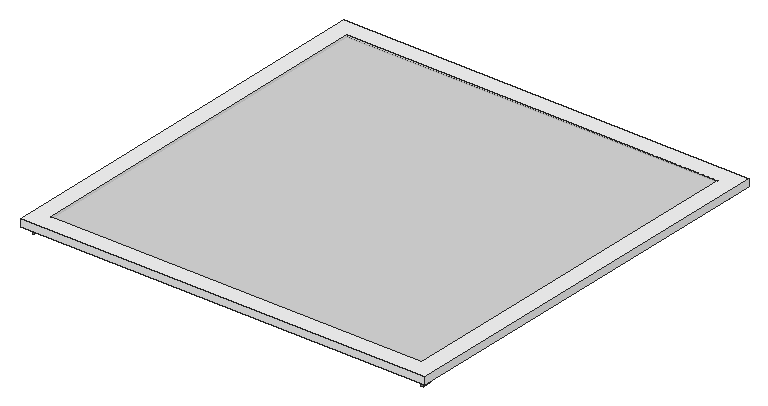
Revit family "0047637 Feilo Sylvania Lighting Fixtures START FLAT UGR19 600 4000K DALI G2", category Lighting Fixtures, host Face, Revit 2017
Family settings
  Host = Face
  Round Connector Dimension = Use Diameter
  Part Type = Normal
  OmniClass Number = 23.80.70.11.17
  OmniClass Title = Specialized Lighting by Location or Use
  Cut with Voids When Loaded = No
  Light Source = Yes
  Shared = No
  Room Calculation Point = No
Parameters (values of type "0047637 START FLAT UGR19 600 4000K DALI G2")
  Weight = "12.25 kg"
  Wattage = 33 W
  WarrantyStartDate [instance] = "n/a"
  WarrantyGuarantorParts = "n/a"
  WarrantyDurationUnit = "n/a"
  WarrantyDurationParts = "n/a"
  WarrantyDescription = "n/a"
  built-in parameter 1150110 = 1 (stored number, unit not read)
  Voltage = 230 V
  URL = "http://www.sylvania-lighting.com"
  TypeName = "START FLAT UGR19 600 4000K DALI G2"
  built-in parameter 1114217 = 1 (stored number, unit not read)
  Tilt Angle = -90.00°
  built-in parameter 1150109 = 1 (stored number, unit not read)
  built-in parameter 1150134 = 12
  built-in parameter 1150113 = 1 (stored number, unit not read)
  SerialNumber [instance] = "n/a"
  PowerFactor = 0.98
  PowerConsumption = "33 W"
  Photometric Web File = "0047637.ies"
  NominalLength = 595.0 mm
  NominalHeight = 10.5 mm
  NominalDepth = 595.0 mm
  Name = "START FLAT UGR19 600 4000K DALI G2"
  ModelReference = "START FLAT UGR19 600 4000K DALI G2"
  ModelNumber = "0047637"
  Material = "aluminium housing, pmma diffuser"
  ManufacturerName = "Feilo Sylvania"
  LuminousEfficacy = "100 lm/W"
  LuminaireType = ""
  LightOutputRatio = "n/a"
  LampsType = Lamp  # "Integrated LED"
  LampNominalLuminous = "3300 lm"
  LampMacAdamStep = "3"
  LampColourTemperature = "4000 K"
  LampColourRenderingIndex = "80"
  Keynote = "16500"
  InstallationDate [instance] = "n/a"
  InputVoltage = "220-240V~"
  InputNominalFrequency = "50/60 Hz"
  IngressProtection = "IP20"
  ImpactProtectionIndex = "IK03"
  IfcExportType = "IfcLightFixtureType"
  IfcExportAs = "IfcLightFixtureType"
  ExpectedLife = 50000
  ElectricShockClassification = "Class II"
  DurationUnit = "hours"
  DocumentationLiterature = "http://www.sylvania-lighting.com/product/en-int/products/0047637"
  DimmingControlOptions = "Dimmable"
  Diffuser Material = Polycarbonate_Sylvania_Startflat Panel LED_Opal
  Cutout Width = 574.0 mm
  Cutout Length = 574.0 mm
  CreatedOn = "11/30/2017"
  CreatedBy = ""
  built-in parameter 1114216 [instance] = 1 (stored number, unit not read)
  Model = "START FLAT UGR19 600 4000K DALI G2"
  Manufacturer = "Feilo-Sylvania Group"
  built-in parameter 1150105 = 1825.2 (stored number, unit not read)
  Lumens = 3300 lm
  built-in parameter 1150115 = 1 (stored number, unit not read)
  built-in parameter 1150137 = (empty or 0)
  built-in parameter 1150139 = (empty or 0)
  built-in parameter 1150112 = 1 (stored number, unit not read)
  built-in parameter 1150114 = 1 (stored number, unit not read)
  Lamp = "Integrated LED"  # constant formula
  built-in parameter 1150132 = 2
  built-in parameter 1150102 = (empty or 0)
  built-in parameter 1150107 = 4000 (stored number, unit not read)
  built-in parameter 1150138 = (empty or 0)
  built-in parameter 1150106 = 18.252 (stored number, unit not read)
  Body Material = Metal_Sylvania_Startflat Panel LED_White
  Emit from Rectangle Width = 545.0 mm
  Emit from Rectangle Length = 545.0 mm
  Emit Shape Visible in Rendering = no
  built-in parameter 1150104 = 9.2903 (stored number, unit not read)
  Dimming Lamp Color Temperature Shift = <None>
  Description = "Ultra thin LED Panel, excellent uniformity of light, perfect for ceilings with low voids, high efficacy.Ulta thin edgelit LED 600x600mm Panel with, excellent uniform light distribution. Acrylic PMMA diffuser optimising light output whilst reducing glare. 4239lm 93lm/W."  # constant formula
  Default Elevation = 0.0 mm
  Color Filter = 16777215
  built-in parameter 1140040 [instance] = 1
  BarCode [instance] = "n/a"
  built-in parameter 1114218 = 1 (stored number, unit not read)
  built-in parameter 1150133 = 10 (stored number, unit not read)
  AssetType = "Fixed"
  AssetIdentifier [instance] = "n/a"
  Assembly Code = "D5020200"
  Apparent Load = 33 VA
  Mounting Material = Metal_Sylvania_Startflat Panel LED_Silver
Reference planes
  plane 1 "Center (Front/Back)": y = 0
  plane 2 "Fixture Top": z = 0
  plane 3 "Center (Left/Right)": x = 0
  plane 4: x = 295.5
  plane 5: x = -295.5
  plane 6 "Fixture Back": y = 297.5
  plane 7 "Fixture Front": y = -297.5
  plane 8 "Fixture Left": x = -297.5
  plane 9 "Fixture Right": x = 297.5
  plane 10: y = 295.5
  plane 11: y = -295.5
  plane 12: x = 272.5
  plane 13: x = -272.5
  plane 14: y = 272.5
  plane 15: y = -272.5
  plane 16: x = -287
  plane 17: x = 287
  plane 18: y = 287
  plane 19: y = -287
  plane 20 "Fixture Bottom": z = 10.5
  plane 21: z = 8.5
  plane 22: z = 6.5
  plane 23: z = -10
  plane 24: z = 2
Forms (mm)
  Extrusion 1, void
    sketch origin (0, 0, 60) x (-1, 0, 0) y (0, -1, 0)
      loop
        line (287, -287) -> (287, 287) -> (-287, 287) -> (-287, -287) -> (287, -287)
    from -70 to -60
  Extrusion 2, solid, material "Metal_Sylvania_Startflat Panel LED_White" <- "Body Material", detail levels fine
    sketch origin (0, 0, 60) x (-1, 0, 0) y (0, -1, 0)
      loop
        line (297.5, -297.5) -> (297.5, 297.5) -> (-297.5, 297.5) -> (-297.5, -297.5) -> (297.5, -297.5)
      loop
        line (272.5, -272.5) -> (272.5, 272.5) -> (-272.5, 272.5) -> (-272.5, -272.5) -> (272.5, -272.5)
    from -51.5 to -49.5
  Extrusion 3, solid, material "Metal_Sylvania_Startflat Panel LED_White" <- "Body Material", detail levels fine
    sketch origin (0, 0, 60) x (-1, 0, 0) y (0, -1, 0)
      loop
        line (297.5, -297.5) -> (297.5, 297.5) -> (-297.5, 297.5) -> (-297.5, -297.5) -> (297.5, -297.5)
      loop
        line (295.5, -295.5) -> (295.5, 295.5) -> (-295.5, 295.5) -> (-295.5, -295.5) -> (295.5, -295.5)
    from -60 to -51.5
  Extrusion 4, solid, material "Polycarbonate_Sylvania_Startflat Panel LED_Opal" <- "Diffuser Material", detail levels fine
    sketch origin (0, 0, 60) x (-1, 0, 0) y (0, -1, 0)
      loop
        line (295.5, -295.5) -> (295.5, 295.5) -> (-295.5, 295.5) -> (-295.5, -295.5) -> (295.5, -295.5)
    from -53.5 to -51.5
  Extrusion 5, solid, material "Metal_Sylvania_Startflat Panel LED_Silver" <- "Mounting Material", detail levels fine
    sketch origin (0, 0, 60) x (-1, 0, 0) y (0, -1, 0)
      loop
        line (287, -287) -> (287, -272.5) -> (284, -272.5) -> (284, -287) -> (287, -287)
      loop
        line (-284, -287) -> (-284, -272.5) -> (-287, -272.5) -> (-287, -287) -> (-284, -287)
      loop
        line (-284, 272.5) -> (-284, 287) -> (-287, 287) -> (-287, 272.5) -> (-284, 272.5)
      loop
        line (284, 272.5) -> (287, 272.5) -> (287, 287) -> (284, 287) -> (284, 272.5)
    from -70 to -60
  Extrusion 6, solid, material "Metal_Sylvania_Startflat Panel LED_White" <- "Body Material", detail levels fine
    sketch origin (0, 0, 60) x (-1, 0, 0) y (0, -1, 0)
      loop
        line (297.5, -297.5) -> (297.5, 297.5) -> (-297.5, 297.5) -> (-297.5, -297.5) -> (297.5, -297.5)
    from -60 to -58
  Extrusion 7, solid, material "Metal_Sylvania_Startflat Panel LED_White" <- "Body Material", detail levels coarse+medium
    sketch origin (0, 0, 60) x (-1, 0, 0) y (0, -1, 0)
      loop
        line (297.5, -297.5) -> (297.5, 297.5) -> (-297.5, 297.5) -> (-297.5, -297.5) -> (297.5, -297.5)
    from -60 to -49.5
Cuts and joins
  joined: Extrusion 2, Extrusion 3, Extrusion 6
Dimensions and locks
  equal spacing: plane 6 "Fixture Back", plane 1 "Center (Front/Back)", plane 7 "Fixture Front"
  locked: plane 6 "Fixture Back" to plane 7 "Fixture Front" at 595
  equal spacing: plane 8 "Fixture Left", plane 3 "Center (Left/Right)", plane 9 "Fixture Right"
  locked: plane 8 "Fixture Left" to plane 9 "Fixture Right" at 595
  locked: plane 8 "Fixture Left" to plane 5 at 2
  locked: plane 4 to plane 9 "Fixture Right" at 2
  locked: plane 6 "Fixture Back" to plane 10 at 2
  locked: plane 11 to plane 7 "Fixture Front" at 2
  locked: plane 12 to plane 9 "Fixture Right" at 25
  locked: plane 8 "Fixture Left" to plane 13 at 25
  locked: plane 6 "Fixture Back" to plane 14 at 25
  locked: plane 15 to plane 7 "Fixture Front" at 25
  equal spacing: plane 16, plane 3 "Center (Left/Right)", plane 17
  "Cutout Length": plane 16 to plane 17
  equal spacing: plane 18, plane 1 "Center (Front/Back)", plane 19
  "Cutout Width": plane 18 to plane 19
  locked: plane 20 "Fixture Bottom" to plane 2 "Fixture Top" at 10.5
  plane 20 "Fixture Bottom" to plane 21 to plane 22 = 2.0 mm locked, 2.0 mm locked
  locked: plane 2 "Fixture Top" to plane 23 at 10
  locked: plane 16 to Extrusion 5 sketch curve at 3
  locked: Extrusion 5 sketch curve to plane 17 at 3
  locked: plane 24 to plane 2 "Fixture Top" at 2
  aligned and locked: level to host face
  aligned and locked: imposter light to plane 1 "Center (Front/Back)"
  aligned and locked: plane 2 "Fixture Top" to Extrusion 1
  aligned and locked: Extrusion 2 sketch curve to plane 6 "Fixture Back"
  aligned and locked: plane 8 "Fixture Left" to Extrusion 2 sketch curve
  aligned and locked: plane 7 "Fixture Front" to Extrusion 2 sketch curve
  aligned and locked: Extrusion 2 sketch curve to plane 9 "Fixture Right"
  aligned and locked: Extrusion 2 sketch curve to plane 14
  aligned and locked: plane 13 to Extrusion 2 sketch curve
  aligned and locked: plane 15 to Extrusion 2 sketch curve
  aligned and locked: Extrusion 2 sketch curve to plane 12
  aligned and locked: Extrusion 3 sketch curve to Extrusion 2  (x4)
  aligned and locked: Extrusion 3 sketch curve to plane 10
  aligned and locked: plane 5 to Extrusion 3 sketch curve
  aligned and locked: plane 11 to Extrusion 3 sketch curve
  aligned and locked: Extrusion 3 sketch curve to plane 4
  aligned and locked: Extrusion 4 sketch curve to cut or joined group of Extrusion 2, Extrusion 3, Extrusion 6  (x4)
  aligned and locked: plane 16 to Extrusion 1 sketch curve
  aligned and locked: Extrusion 1 sketch curve to plane 17
  aligned and locked: Extrusion 1 sketch curve to plane 18
  aligned and locked: plane 19 to Extrusion 1 sketch curve
  aligned and locked: plane 20 "Fixture Bottom" to cut or joined group of Extrusion 2, Extrusion 3, Extrusion 6
  aligned and locked: cut or joined group of Extrusion 2, Extrusion 3, Extrusion 6 to plane 21
  aligned and locked: plane 21 to cut or joined group of Extrusion 2, Extrusion 3, Extrusion 6
  aligned and locked: cut or joined group of Extrusion 2, Extrusion 3, Extrusion 6 to plane 2 "Fixture Top"
  aligned and locked: plane 21 to Extrusion 4
  aligned and locked: Extrusion 4 to plane 22
  aligned and locked: level to plane 2 "Fixture Top"
  aligned and locked: plane 3 "Center (Left/Right)" to imposter light
  aligned and locked: plane 20 "Fixture Bottom" to imposter light
  aligned and locked: Extrusion 5 sketch curve to plane 18  (x2)
  aligned and locked: plane 16 to Extrusion 5 sketch curve
  aligned and locked: cut or joined group of Extrusion 2, Extrusion 3, Extrusion 6 to Extrusion 5 sketch curve  (x3)
  aligned and locked: plane 14 to Extrusion 5 sketch curve
  aligned and locked: Extrusion 5 sketch curve to plane 17  (x2)
  aligned and locked: plane 19 to Extrusion 5 sketch curve
  aligned and locked: Extrusion 5 sketch curve to plane 19
  aligned and locked: Extrusion 5 sketch curve to plane 16
  aligned and locked: Extrusion 5 to plane 23
  aligned and locked: Extrusion 5 sketch curve to Extrusion 5 sketch curve  (x2)
  aligned and locked: Extrusion 6 sketch curve to cut or joined group of Extrusion 2, Extrusion 3, Extrusion 6  (x4)
  aligned and locked: Extrusion 6 to plane 2 "Fixture Top"
  aligned and locked: plane 24 to Extrusion 6
  aligned and locked: plane 2 "Fixture Top" to Extrusion 5
  aligned and locked: Extrusion 7 sketch curve to cut or joined group of Extrusion 2, Extrusion 3, Extrusion 6  (x4)
  aligned and locked: Extrusion 7 to plane 2 "Fixture Top"
  aligned and locked: plane 20 "Fixture Bottom" to Extrusion 7
  aligned and locked: Extrusion 1 to Extrusion 5
Automatic sketch dimensions
  host sketch curve to host sketch curve = 1461.012 mm
  host sketch curve to host sketch curve = 1283.632 mm
Connectors
  electrical at (0, 0, 0), driven by "Apparent Load"
    settings: on cut or joined group of Extrusion 2, Extrusion 3, Extrusion 6, index 1, voltage 230 V, apparent load 0 VA, apparent load phase1 33 VA, apparent load phase2 0 VA, apparent load phase3 0 VA, power factor 1, load classification "Lighting", number of poles 1, system type 31, power factor state 1, is connector primary yes, connector utility no, sub classification motor no, connector description ""
